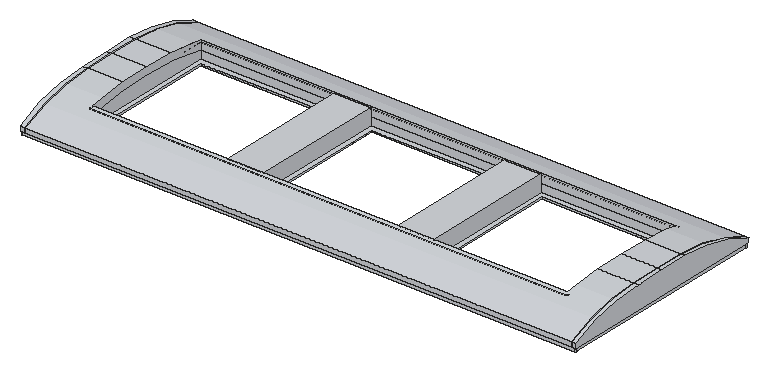
Revit family "Gira_0213328", category Electrical Fixtures, host Face, Revit 2017
Family settings
  Host = Face
  Maintain Annotation Orientation = No
  Round Connector Dimension = Use Diameter
  Part Type = Normal
  Cut with Voids When Loaded = No
  Shared = No
  Room Calculation Point = No
Parameters (values of type "Cov.fr. 3-g interm.fr. PW Gira Event anthra.")
  With mounting grid = "No"
  With hinged lid = "No"
  URL = "http://katalog.gira.de/en/datenblatt.html?artikelnr=0213328"
  Type of fastening = "Clamp mounting"
  Transparent = "No"
  Surface protection = "Other"
  Suitable for wall duct = "No"
  Suitable for flush-mounted installation = "Yes"
  Suitable for floor box = "No"
  Suitable for built-in installation = "No"
  Number of units vertical = "3"
  Number of units horizontal = "3"
  Number of units = "3"
  Name = "Cov.fr. 3-g interm.fr. PW Gira Event anthra."
  Mounting direction = "Horizontal and vertical"
  Material quality = "Thermoplastic"
  Material = "Plastic"
  Manufacturer URL = "https://www.gira.de/"
  Manufacturer = "Gira"
  Label space/information surface = "No"
  Keynote = ""
  HeinzeBIM = "https://bimportal.heinze.de/bim/cov-fr-3-g-interm-fr-pw-gira-event-anthra-/c6feddadeafb00193f78258971bdab70ee61df2b"
  Halogen free = "Yes"
  HAN = "0213328"
  GTIN = "4010337074243"
  Description = "Cov.fr.3g i.fr.PW Event AN,Gira Event frames,anthracite with pure white glossy intermediate frame,3-gang,Features:,- Shatter-proof."
  Degree of protection (IP) = "IP20"
  Default Elevation = 1219.2 mm
  Data sheet (1) = "https://katalog.gira.de/en/download.html?artikelnr=0213328"
  Colour = "Anthracite"
  Category = "Cover frame for domestic switching devices"
  BIM (1) = "https://media.stage.bim.site/public/gira/36a6b08/Event_Rahmen_3fach.rfa"
  Available = "No"
Reference planes
  plane 1 "Center (Front/Back)": y = 0
  plane 2: z = 0
  plane 3 "Center (Left/Right)": x = 0
Forms (mm)
  Extrusion 1, solid, detail levels fine
    sketch origin (0, 0, 0.05) x (0, 1, 0) y (0, 0, 1)
      loop
        arc (12.445, 9.683) -> (6.223, 9.833) -> (0, 9.85) r 291.636
        arc (0, 9.85) -> (-6.223, 9.833) -> (-12.445, 9.683) r 291.636
        arc (-12.445, 9.683) -> (-29.14, 7.482) -> (-45, 1.823) r 79.728
        line (-45, 1.823) -> (-45, -0.05) -> (-42.086, -0.05)
        arc (-42.086, -0.05) -> (-21.385, 5.559) -> (0, 7.206) r 114.424
        arc (0, 7.206) -> (21.385, 5.559) -> (42.086, -0.05) r 114.424
        line (42.086, -0.05) -> (45, -0.05) -> (45, 1.823)
        arc (45, 1.823) -> (29.14, 7.482) -> (12.445, 9.683) r 79.728
    from -114.3 to 114.3
  Extrusion 2, void, detail levels fine
    sketch origin (0, 0, 0) x (1, 0, 0) y (0, 1, 0)
      loop
        line (-99.355, -28.053) -> (99.355, -28.053) -> (99.355, 28.053) -> (-99.355, 28.053) -> (-99.355, -28.053)
    from 0.724 to 11
  Extrusion 3, solid, detail levels coarse
    sketch origin (0, 0, 0) x (1, 0, 0) y (0, 1, 0)
      loop
        line (-116.3, 45) -> (-116.3, -45) -> (116.3, -45) -> (116.3, 45) -> (-116.3, 45)
    from -1.5 to 9.9
  Extrusion 4, solid, detail levels medium
    sketch origin (0, 0, 0.05) x (0, 1, 0) y (0, 0, 1)
      loop
        arc (12.445, 9.683) -> (6.223, 9.833) -> (0, 9.85) r 291.636
        arc (0, 9.85) -> (-6.223, 9.833) -> (-12.445, 9.683) r 291.636
        arc (-12.445, 9.683) -> (-29.14, 7.482) -> (-45, 1.823) r 79.728
        line (-45, 1.823) -> (-45, -0.05) -> (45, -0.05) -> (45, 1.823)
        arc (45, 1.823) -> (29.14, 7.482) -> (12.445, 9.683) r 79.728
    from -116.3 to 116.3
  Extrusion 5, solid, detail levels fine
    sketch origin (-71.3, 0, -1.5) x (0, 1, 0) y (0, 0, -1)
      loop
        line (45, -3.373) -> (45, -1.5) -> (-45, -1.5) -> (-45, -3.373)
        arc (-45, -3.373) -> (-29.14, -9.032) -> (-12.445, -11.233) r 79.728
        arc (-12.445, -11.233) -> (-6.223, -11.383) -> (0, -11.4) r 291.636
        arc (0, -11.4) -> (6.223, -11.383) -> (12.445, -11.233) r 291.636
        arc (12.445, -11.233) -> (29.14, -9.032) -> (45, -3.373) r 79.728
    from 43 to 45
  Extrusion 6, solid, detail levels fine
    sketch origin (0, 0, 0) x (1, 0, 0) y (0, 1, 0)
      loop
        line (-97.195, 25.7) -> (-97.195, -25.7) -> (-45.395, -25.7) -> (-45.395, 25.7) -> (-97.195, 25.7)
      loop
        line (25.9, -25.7) -> (25.9, 25.7) -> (-25.9, 25.7) -> (-25.9, -25.7) -> (25.9, -25.7)
      loop
        line (-100.19, 28.49) -> (-100.19, -28.495)
        spline (-100.19, -28.495) -> (-100.181, -28.625) -> (-100.156, -28.754) -> (-100.113, -28.878) -> (-100.056, -28.995) -> (-99.983, -29.104) -> (-99.897, -29.202) -> (-99.798, -29.288) -> (-99.69, -29.361) -> (-99.572, -29.419) -> (-99.448, -29.461) -> (-99.32, -29.486) -> (-99.19, -29.495)
        line (-99.19, -29.495) -> (99.195, -29.495)
        spline (99.195, -29.495) -> (99.325, -29.486) -> (99.454, -29.461) -> (99.578, -29.419) -> (99.695, -29.361) -> (99.804, -29.288) -> (99.902, -29.202) -> (99.988, -29.104) -> (100.061, -28.995) -> (100.119, -28.878) -> (100.161, -28.754) -> (100.186, -28.625) -> (100.195, -28.495)
        line (100.195, -28.495) -> (100.195, 28.49)
        spline (100.195, 28.49) -> (100.186, 28.62) -> (100.161, 28.748) -> (100.119, 28.872) -> (100.061, 28.99) -> (99.988, 29.098) -> (99.902, 29.197) -> (99.804, 29.283) -> (99.695, 29.356) -> (99.578, 29.413) -> (99.454, 29.456) -> (99.325, 29.481) -> (99.195, 29.49)
        line (99.195, 29.49) -> (-99.19, 29.49)
        spline (-99.19, 29.49) -> (-99.32, 29.481) -> (-99.448, 29.456) -> (-99.572, 29.413) -> (-99.69, 29.356) -> (-99.798, 29.283) -> (-99.897, 29.197) -> (-99.983, 29.098) -> (-100.056, 28.99) -> (-100.113, 28.872) -> (-100.156, 28.748) -> (-100.181, 28.62) -> (-100.19, 28.49)
      loop
        line (97.2, -25.7) -> (97.2, 25.7) -> (45.4, 25.7) -> (45.4, -25.7) -> (97.2, -25.7)
    from 0.1 to 7.3
  Extrusion 7, solid
    sketch origin (0, 0, 0) x (1, 0, 0) y (0, 1, 0)
      loop
        arc (-116, -44.2) -> (-115.854, -44.554) -> (-115.5, -44.7) r 0.5
        line (-115.5, -44.7) -> (115.5, -44.7)
        arc (115.5, -44.7) -> (115.854, -44.554) -> (116, -44.2) r 0.5
        line (116, -44.2) -> (116, 44.2)
        arc (116, 44.2) -> (115.854, 44.554) -> (115.5, 44.7) r 0.5
        line (115.5, 44.7) -> (-115.5, 44.7)
        arc (-115.5, 44.7) -> (-115.854, 44.554) -> (-116, 44.2) r 0.5
        line (-116, 44.2) -> (-116, -44.2)
      loop
        line (-114.3, 43) -> (-114.3, -43) -> (114.3, -43) -> (114.3, 43) -> (-114.3, 43)
    from -1.5 to 0.5
  Extrusion 8, solid, detail levels fine
    sketch origin (71.3, 0, -1.5) x (0, 1, 0) y (0, 0, 1)
      loop
        arc (45, 3.373) -> (29.14, 9.032) -> (12.445, 11.233) r 79.728
        arc (12.445, 11.233) -> (6.223, 11.383) -> (0, 11.4) r 291.636
        arc (0, 11.4) -> (-6.223, 11.383) -> (-12.445, 11.233) r 291.636
        arc (-12.445, 11.233) -> (-29.14, 9.032) -> (-45, 3.373) r 79.728
        line (-45, 3.373) -> (-45, 1.5) -> (45, 1.5) -> (45, 3.373)
    from 43 to 45
  Extrusion 9, solid, detail levels medium
    sketch origin (0, 0, 0) x (1, 0, 0) y (0, 1, 0)
      loop
        line (-116, -44.7) -> (116, -44.7) -> (116, 44.7) -> (-116, 44.7) -> (-116, -44.7)
    from -1.5 to 0.5
  Extrusion 10, solid, detail levels fine
    sketch origin (-34.207, 0, 0) x (1, 0, 0) y (0, 1, 0)
      loop
        line (-8.943, 28.063) -> (-8.943, -27.937) -> (6.057, -27.937) -> (6.057, 28.063) -> (-8.943, 28.063)
    from 0.724 to 7.566
  Extrusion 11, solid, detail levels fine
    sketch origin (34.207, 0, 0) x (-1, 0, 0) y (0, -1, 0)
      loop
        line (-8.943, -28.063) -> (6.057, -28.063) -> (6.057, 27.937) -> (-8.943, 27.937) -> (-8.943, -28.063)
    from 0.724 to 7.566
Cuts and joins
  Extrusion 2 cuts Extrusion 1
  Extrusion 2 cuts Extrusion 6
Dimensions and locks
  aligned and locked: plane 2 to host face
  aligned and locked: level to host face
